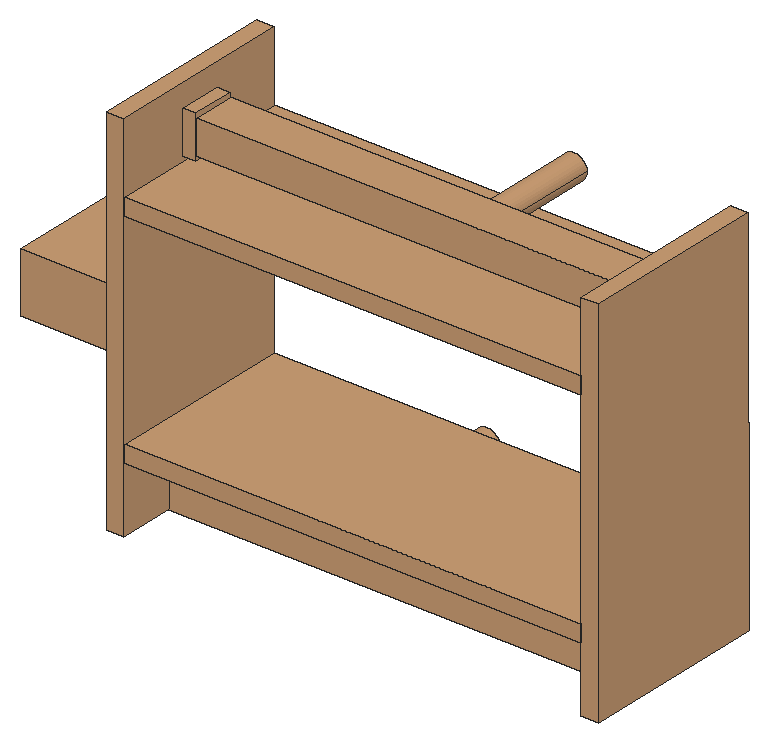
Revit family
Parameters
  Center Of Unit = 0' - 0"  # constant formula
  Water Pressure Drop [instance] = 0.00 psi
  Water Flow [instance] = 0 GPM
  Unit Weight (lbs) = 408
  URL = "http://www.ljwing.com/"
  Water Outlet Radius = 0' - 1 1/2"
  Water Outlet Odd sizes = 0' - 5 23/64"
  Total Heating Capacity [instance] = 0.0 Btu/h
  Temperature Rise [instance] = 0 °F
  Series = "VIFB"
  Outlet Area = 8.94 SF
  Number of Rows = 1  # constant formula
  Number of Coils [instance] = 0
  Nominal Length = 4' - 9 5/8"
  Model = "VA-5"
  Manufacturer = "LJ Wing"
  Leaving Water Temperature [instance] = 0 °F
  Leaving Air Temperature [instance] = 0 °F
  Face Velocity (FPM) [instance] = 0
  Entering Water Temperature [instance] = 0 °F
  Entering Air Temperature [instance] = 0 °F
  Description = "Vertical Integral Face & Bypass Water Heating Coils"
  Hot Water Odd Sizes = 0' - 5 23/64"
  Hot Water Inlet Offset = 0' - 4 3/8"  # constant formula
  Hot Water Inlet  Radius = 0' - 1 1/2"
  Coil Face Area = Outlet Area * 0.56  # 5.0064 SF
  Casing Material = ""
  Assembly Code = "D3020300"
  Air Pressure Drop [instance] = 0.00 in-wg
  Air Inlet Width = Nominal Length - 0' 4"  # 4' - 5 5/8"
  Air Inlet Height = Y  # 2' - 0"
  Air Flow [instance] = 0 CFM
  Z = 0' - 3 3/4"
  Y = 2' - 0"
  S = 0' - 9 3/4"
  Product URL = "http://www.ljwing.com/html/vifb.asp"
  OmniClass = "23-75 70 21 14"
  Nominal Height = 3' - 8"
  Nominal Depth = 1' - 10"
  R = 0' - 10 1/4"
  Q = 0' - 4 13/16"
  P = 0' - 5 1/8"
  L = 0' - 5 15/16"
Reference planes (in)
  plane 1 "Center (Front/Back)": y = 0
  plane 2: z = -12
  plane 3 "Center (Left/Right)": x = 0
  plane 4: z = 22.25
  plane 5: x = -28.8125
  plane 6: x = 28.8125
  plane 7: z = -21.75
  plane 8: z = 0
  plane 9: y = -11
  plane 10: y = 11
  plane 11: z = 12
  plane 12: z = 14
  plane 13: z = -14
  plane 14: x = 26.8125
  plane 15: x = -26.8125
  plane 16: z = 17.125
  plane 17: z = -15.8125
  plane 18: x = -24
  plane 19: x = 24
  plane 20: y = 14.75
  plane 21: y = 15.375
  plane 22: x = -39.8125
  plane 23: x = 5.35938
  plane 24: x = -5.35937
  plane 25: z = 19.125
  plane 26: z = 15.125
  plane 27: y = -2.5
  plane 28: y = 2.5
  plane 29: y = -4.5
Forms (in)
  Extrusion 1, solid, material "Painted Finish"
    sketch origin (0, 6, -9.75) x (1, 0, 0) y (0, 0, 1)
      loop
        line (-28.8125, -12) -> (-26.8125, -12) -> (-26.8125, 32) -> (-28.8125, 32) -> (-28.8125, -12)
      loop
        line (28.8125, -12) -> (28.8125, 32) -> (26.8125, 32) -> (26.8125, -12) -> (28.8125, -12)
    from -5 to 17
  Extrusion 2, solid, material "Painted Finish"
    sketch origin (0, 6, 0) x (1, 0, 0) y (0, 0, 1)
      loop
        line (26.8125, -12) -> (-26.8125, -12) -> (-26.8125, -14) -> (26.8125, -14) -> (26.8125, -12)
      loop
        line (26.8125, 12) -> (26.8125, 14) -> (-26.8125, 14) -> (-26.8125, 12) -> (26.8125, 12)
    from -5 to 17
  Extrusion 3, solid, material "Painted Finish"
    sketch origin (0, 10, -0.5) x (1, 0, 0) y (0, 0, 1)
      loop
        line (-28.8125, 4) -> (-39.8125, 4) -> (-39.8125, -3) -> (-28.8125, -3) -> (-28.8125, 4)
    from 0 to 20
  Extrusion 4, solid, material "Painted Finish"
    sketch origin (0, 6, 0) x (1, 0, 0) y (0, 0, 1)
      loop
        line (-25.1875, 19.125) -> (-25.1875, 15.125) -> (25.1875, 15.125) -> (25.1875, 19.125) -> (-25.1875, 19.125)
    from 3.5 to 8.5
  Extrusion 5, solid, material "Painted Finish"
    sketch origin (0, 0, 0) x (1, 0, 0) y (0, 0, 1)
      loop
        line (-25.1875, 14.625) -> (-25.1875, 19.625) -> (-26.8125, 19.625) -> (-26.8125, 14.625) -> (-25.1875, 14.625)
      loop
        line (26.8125, 14.625) -> (26.8125, 19.625) -> (25.1875, 19.625) -> (25.1875, 14.625) -> (26.8125, 14.625)
    from -2.5 to 2.5
  Extrusion 6, solid, material "Painted Finish"
    sketch origin (0, 23, 0) x (1, 0, 0) y (0, 0, 1)
      loop
        circle (5.35938, 17.125) r 1.5
    from 8.25 to 20.5
  Extrusion 7, solid, material "Painted Finish"
    sketch origin (0, 6, 0) x (1, 0, 0) y (0, 0, 1)
      loop
        line (-26.8125, -14) -> (-26.8125, -21.75) -> (26.8125, -21.75) -> (26.8125, -14) -> (-26.8125, -14)
    from -5 to 10.5
  Extrusion 8, solid, material "Painted Finish"
    sketch origin (0, 23, 0) x (1, 0, 0) y (0, 0, 1)
      loop
        circle (-5.35937, -15.8125) r 1.5
    from 7.625 to 12
  Extrusion 9, void
    sketch origin (0, 0, 0) x (1, 0, 0) y (0, 0, 1)
      loop
        line (-26.8125, 12) -> (-26.8125, -12) -> (26.8125, -12) -> (26.8125, 12) -> (-26.8125, 12)
    from -11 to 11
Cuts and joins
  Extrusion 9 cuts Extrusion 1
  Extrusion 9 cuts Extrusion 2
Dimensions and locks (in)
  "Nominal Length": plane 6 to plane 5
  equal spacing: plane 6, plane 3 "Center (Left/Right)", plane 5
  "S": plane 2 to plane 7
  "Nominal Depth": plane 10 to plane 9
  equal spacing: plane 10, plane 1 "Center (Front/Back)", plane 9
  "Y": plane 11 to plane 2
  "R": plane 4 to plane 11
  locked: plane 12 to plane 11 at 2
  locked: plane 2 to plane 13 at 2
  "P": plane 4 to plane 16
  "L": plane 17 to plane 7
  "Q": plane 18 to plane 5
  "Q": plane 6 to plane 19
  "Z": plane 20 to plane 10
  "Hot Water Inlet Offset": plane 21 to plane 10
  locked: plane 5 to plane 22 at 11
  locked: Extrusion 3 sketch curve to Extrusion 3 sketch curve at 7
  locked: Extrusion 3 to Extrusion 3 at 20
  locked: plane 6 to plane 14 at 2
  locked: plane 15 to plane 5 at 2
  "Water Outlet Odd sizes": plane 23 to plane 3 "Center (Left/Right)"
  "Hot Water Odd Sizes": plane 3 "Center (Left/Right)" to plane 24
  equal spacing: plane 25, plane 16, plane 26
  locked: Extrusion 5 sketch curve to plane 25 at 0.5
  locked: plane 26 to Extrusion 5 sketch curve at 0.5
  locked: Extrusion 6 sketch curve to plane 16 at 0
  locked: Extrusion 6 sketch curve to plane 23 at 0
  locked: Extrusion 8 sketch curve to plane 17 at 0
  locked: Extrusion 8 sketch curve to plane 24 at 0
  locked: plane 25 to plane 26 at 4
  locked: plane 28 to plane 27 at 5
  equal spacing: plane 28, plane 1 "Center (Front/Back)", plane 27
  locked: plane 27 to plane 29 at 2
  plane 4 to plane 7 = 3' - 8"
  locked: Extrusion 5 sketch curve to Extrusion 1 at 1.625
  locked: Extrusion 5 sketch curve to Extrusion 5 sketch curve at 1.625
  locked: Extrusion 9 sketch curve to plane 11 at 0
  locked: Extrusion 9 sketch curve to plane 15 at 0
  locked: Extrusion 9 sketch curve to plane 14 at 0
  locked: Extrusion 9 sketch curve to plane 2 at 0
  equal spacing: plane 11, plane 8, plane 2
  "Water Outlet Radius": radius of Extrusion 6 sketch curve
  "Hot Water Inlet  Radius": radius of Extrusion 8 sketch curve
  aligned and locked: plane 9 to Extrusion 1
  aligned and locked: Extrusion 1 to plane 10
  aligned and locked: plane 15 to Extrusion 1
  aligned and locked: Extrusion 1 to plane 14
  aligned and locked: plane 9 to Extrusion 2
  aligned and locked: Extrusion 1 to plane 9
  aligned and locked: plane 10 to Extrusion 1  (x2)
  aligned and locked: Extrusion 2 to plane 10
  aligned and locked: plane 10 to Extrusion 2  (x2)
  aligned and locked: Extrusion 2 to plane 9  (x2)
  aligned and locked: plane 5 to Extrusion 3
  aligned and locked: Extrusion 5 sketch curve to plane 15
  aligned and locked: Extrusion 5 sketch curve to Extrusion 4
  aligned and locked: Extrusion 6 to plane 20
  aligned and locked: Extrusion 1 to Extrusion 7
  aligned and locked: plane 10 to Extrusion 8
  aligned and locked: Extrusion 8 to plane 21  (x2)
  aligned and locked: plane 27 to Extrusion 5
  aligned and locked: Extrusion 5 to Extrusion 4  (x2)
  aligned and locked: Extrusion 5 to plane 28
  aligned and locked: Extrusion 6 to Extrusion 4
  aligned and locked: plane 29 to Extrusion 7
  aligned and locked: Extrusion 8 to Extrusion 7
  aligned and locked: Extrusion 4 to Extrusion 5  (x2)
  aligned and locked: Extrusion 5 to Extrusion 1  (x2)
  aligned and locked: plane 2 to Extrusion 2
  aligned and locked: plane 6 to Extrusion 1 sketch curve
  aligned and locked: plane 14 to Extrusion 1 sketch curve
  aligned and locked: Extrusion 1 sketch curve to plane 15
  aligned and locked: Extrusion 1 sketch curve to plane 5
  aligned and locked: plane 7 to Extrusion 1 sketch curve  (x2)
  aligned and locked: Extrusion 1 sketch curve to plane 4  (x2)
  aligned and locked: Extrusion 2 sketch curve to plane 11
  aligned and locked: Extrusion 2 sketch curve to plane 12
  aligned and locked: Extrusion 2 sketch curve to plane 14  (x2)
  aligned and locked: Extrusion 2 sketch curve to plane 15  (x2)
  aligned and locked: Extrusion 2 sketch curve to plane 13
  aligned and locked: plane 2 to Extrusion 2 sketch curve
  aligned and locked: plane 13 to Extrusion 7 sketch curve
  aligned and locked: Extrusion 7 sketch curve to plane 7
  aligned and locked: Extrusion 7 sketch curve to plane 14
  aligned and locked: plane 15 to Extrusion 7 sketch curve
  aligned and locked: Extrusion 7 to plane 29
  aligned and locked: cut or joined group of Extrusion 1, Extrusion 9 to plane 10
Automatic sketch dimensions
  Extrusion 3 sketch curve to plane 22 = 0' - 0"
  Extrusion 3 sketch curve to plane 5 = 0' - 0"
  plane 8 to Extrusion 3 sketch curve = 0' - 3 1/2"
  Extrusion 4 sketch curve to plane 25 = 0' - 0"
  Extrusion 4 sketch curve to plane 26 = 0' - 0"
  Extrusion 4 sketch curve to plane 18 = 0' - 1 3/16"
  plane 19 to Extrusion 4 sketch curve = 0' - 1 3/16"
  plane 26 to Extrusion 5 sketch curve = 0' - 0 1/2"
  Extrusion 5 sketch curve to plane 25 = 0' - 0 1/2"
Connectors (in)
  hvac at (0, -11, 0), driven by "Air Inlet Height", driven by "Air Inlet Width", driven by "Air Flow", driven by "Air Pressure Drop"
    settings: on Extrusion 9, index 1
  hvac at (0, 11, 0), driven by "Air Pressure Drop", driven by "Air Inlet Height", driven by "Air Inlet Width", driven by "Air Flow"
    settings: on Extrusion 9, index 2
  piping at (5.35938, 14.75, 17.125), driven by "Water Flow", driven by "Water Outlet Radius", driven by "Water Pressure Drop"
    settings: on Extrusion 6, index 3
  piping at (-5.35937, 15.375, -15.8125), driven by "Water Flow", driven by "Water Pressure Drop", driven by "Hot Water Inlet  Radius"
    settings: on Extrusion 8, index 4
